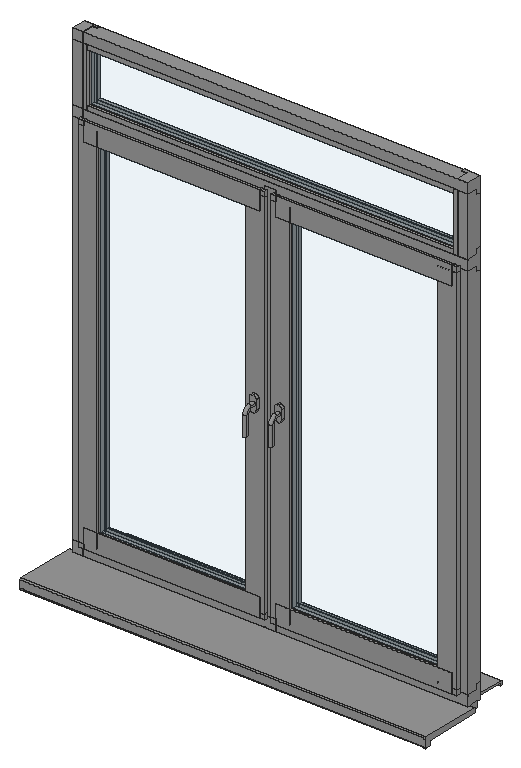
Revit family "deceuninck_okonniy_blok_dvustvorchatiy_s_framugoi_sverhu", category Окна, Revit 2016
Family settings
  Основа = Стена
  Номер OmniClass = 23.30.20.00
  Заголовок OmniClass = Windows
  Всегда вертикально = Да
  При загрузке вырезать с полостями = Нет
  Общий = Нет
  Точка расчета площади = Нет
Parameters (values of type "Энвин ЭКО-60")
  Ширина профиля = 60 mm
  Ширина проема [instance] = ADSK_Ширина рамы + Монтажный зазор.Левый + Монтажный зазор.Правый  # 1640 mm
  Шир прав створка [instance] = if(Одинаковые створки, ADSK_Ширина рамы / 2, Створка правая.Ширина)  # 800 mm
  Четверть.Ширина [instance] = 65 mm
  Четверть.Правая [instance] = if(and(Четверть правая.Видимость, Четверть), Четверть.Ширина, 0 mm)  # 65 mm
  Четверть.Левая [instance] = if(and(Четверть левая.Видимость, Четверть), Четверть.Ширина, 0 mm)  # 65 mm
  Четверть.Глубина [instance] = 120 mm
  Четверть.Высота [instance] = 65 mm
  Четверть правая.Видимость [instance] = yes
  Четверть левая.Видимость [instance] = yes
  Четверть.Врхняя [instance] = if(Четверть, Четверть.Высота, 0 mm)  # 65 mm
  Четверть [instance] = yes
  Цвет профиля = ""
  Фрамуга верхняя.Высота [instance] = ADSK_Высота рамы - Высота створки  # 300 mm
  Формула стеклопакета = ""
  Толщина стеклопакета = "32"
  Стеклопакет.Толщина = 32 mm
  Створка правая.Ширина [instance] = 800 mm
  Створка правая [instance] = stvorka : Поворотная право
  Створка левая.Ширина [instance] = ADSK_Ширина рамы - Шир прав створка  # 800 mm
  Створка левая [instance] = stvorka : Поворотная лево
  Система фурнитуры [instance] = ""
  Расчетное значение ветровой нагрузки [instance] = 400
  Рама.Окно.Ширина [instance] = 1600 mm
  Рама.Окно.Высота [instance] = 1900 mm
  Профильная система = "Энвин ЭКО 60"
  Проем.Окно.Ширина [instance] = 1640 mm
  Проем.Окно.Высота [instance] = 1955 mm
  Приточный клапан [instance] = no
  Watermarked By = ""
  Rough Width = 0 mm  # constant formula
  Rough Height = 0 mm  # constant formula
  Подоконник.Глубина [instance] = 0 mm
  Подоконник. Видимость [instance] = yes
  Подоконник [instance] = podokonnik : ПВХ 250
  Площаль элемента [instance] = ADSK_Ширина рамы * ADSK_Высота рамы / 1000000 mm  # 3.04 mm
  Отлив.Свес [instance] = 35 mm
  Отлив.Видимость [instance] = yes
  Откосы.Глубина [instance] = 310 mm
  Одинаковые створки [instance] = no
  Огнестойкость = "E-15"
  Наименование = "Окно 2-створчатое с фрамугой сверху Энвин ЭКО-60"
  Монтажный зазор.Спереди [instance] = 10 mm
  Монтажный зазор.Правый [instance] = if(Четверть правая.Видимость, Монтажный зазор.Боковой, 0 mm)  # 20 mm
  Монтажный зазор.Низ [instance] = 10 mm
  Монтажный зазор.Левый [instance] = if(Четверть левая.Видимость, Монтажный зазор.Боковой, 0 mm)  # 20 mm
  Монтажный зазор.Верх [instance] = 20 mm
  Монтажный зазор.Боковой = 20 mm
  Материал-Стеклопакет = none
  Материал-Рама = none
  Материал-Подоконник = ПВХ, белый
  Материал-Отлив = Лист оцинкованый, белый
  Класс профиля = "Тип В"
  Завод-изготовитель [instance] = "ООО Декёнинк Рус, Россия"  # constant formula
  ГОСТ = "ГОСТ 30673-2013"
  Высота створки [instance] = 1600 mm
  Высота профиля створки = 76 mm
  Высота профиля рамы = 62 mm
  Высота профиля имоста = 82 mm
  Высота проема [instance] = ADSK_Высота рамы + 25 mm + Монтажный зазор.Верх + Монтажный зазор.Низ  # 1955 mm
  Height = 1000 mm
  Высота подоконника по умолчанию = 800 mm
  Замыкание стены = По основе
  Width = 0 mm  # constant formula
  Артикул створки/армирование рстворки = "ZE 60D  /  AR1"
  Артикул рамы/армирование рамы = "LE 60D  /  AR1"
  Артикул импоста/армирование импоста = "TE 60D  /  20 x 35"
  Аналитическая конструкция = "<Нет>"
  λ краевой зоны стеклопакета = 0.0600 (m²·K)/W
  Rстеклопакета = 0.7600 (m²·K)/W
  Rпрофиля = 0.6800 (m²·K)/W
  Rпривед [instance] = 1 / (((Ширина профиля / 1000 mm) * (5.4 - 4 * (Ширина профиля / 1000 mm)) / (1.8 * Rпрофиля / Rед)) + ((1.2 - 2 * (Ширина профиля / 1000 mm)) * (1.5 - 2 * (Ширина профиля / 1000 mm)) / (1.8 * Rстеклопакета / Rед)) + (5.4 - 8 * (Ширина профиля / 1000 mm)) * (λ краевой зоны стеклопакета / Rед))  # 0.61064
  Rед = 1.0000 (m²·K)/W
  Iфактич [instance] = ""
  Iтреб [instance] = (((Расчетное значение ветровой нагрузки / 1000000) * ((ADSK_Высота рамы / 10) ^ 4) * (Шир прав створка / 20)) / (1 mm * 1920 mm * 210000 mm * (ADSK_Высота рамы / 3000)) * (25 - (40 * ((Шир прав створка / 20) / ADSK_Высота рамы) ^ 2) + (16 * ((Шир прав створка / 20) / ADSK_Высота рамы) ^ 4))) + (((Расчетное значение ветровой нагрузки / 1000000) * ((ADSK_Высота рамы / 10) ^ 4) * (Створка левая.Ширина / 20)) / (1 mm * 1920 mm * 210000 mm * (ADSK_Высота рамы / 3000)) * (25 - (40 * ((Створка левая.Ширина / 20) / ADSK_Высота рамы) ^ 2) + (16 * ((Створка левая.Ширина / 20) / ADSK_Высота рамы) ^ 4)))  # 4.08 mm
  ADSK_Ширина рамы [instance] = 1600 mm
  ADSK_Позиция [instance] = ""
  ADSK_Высота рамы [instance] = 1900 mm
Reference planes
  plane 1 "По центру (Вперед/Назад)": y = 0
  plane 2 "По центру (Влево/Вправо)": x = 0
  plane 3 "Подоконник": z = 800
  plane 4 "Наружный": y = 250
  plane 5 "Внутренние": y = -250
  plane 6: x = -820
  plane 7: x = 820
  plane 8: x = -755
  plane 9: x = 755
  plane 10: y = 130
  plane 11: z = 2700
  plane 12: x = -800
  plane 13: x = 800
  plane 14: z = 775
  plane 15: z = 2720
  plane 16: z = 765
  plane 17: z = 2655
  plane 18: y = 120
  plane 19: y = 60
  plane 20: x = -738
  plane 21: x = 738
  plane 22: z = 2638
  plane 23: z = 862
  plane 24: x = 0
  plane 25: x = -41
  plane 26: x = 41
  plane 27: y = 107
  plane 28: y = 70
  plane 29: y = 450
  plane 30: z = 2400
Forms (mm)
  Extrusion 1, void
    sketch origin (0, -250, 0) x (1, 0, 0) y (0, 0, 1)
      loop
        line (-820, 2720) -> (-820, 765) -> (820, 765) -> (820, 2720) -> (-820, 2720)
    from 0 to -380
  Extrusion 2, void
    sketch origin (-2200.521, 130, 1000) x (1, 0, 0) y (0, 0, 1)
      loop
        line (1445.521, 1655) -> (1445.521, -235) -> (2955.521, -235) -> (2955.521, 1655) -> (1445.521, 1655)
    from 0 to -320
  Extrusion 3, solid, material <- "Материал-Рама", detail levels fine
    sketch origin (0, 0, 800) x (0, -1, 0) y (-1, 0, 0)
      loop
        line (-120, 800) -> (-120, 738) -> (-107, 738) -> (-107, 758) -> (-60, 758) -> (-60, 800) -> (-120, 800)
      loop
        line (-120, -738) -> (-120, -800) -> (-60, -800) -> (-60, -758) -> (-107, -758) -> (-107, -738) -> (-120, -738)
    from 0 to -1900
  Extrusion 4, solid, material <- "Материал-Рама", detail levels fine
    sketch origin (-750, 0, 0) x (0, -1, 0) y (0, 0, 1)
      loop
        line (-60, 800) -> (-60, 842) -> (-107, 842) -> (-107, 862) -> (-120, 862) -> (-120, 800) -> (-60, 800)
      loop
        line (-60, 2658) -> (-60, 2700) -> (-120, 2700) -> (-120, 2638) -> (-107, 2638) -> (-107, 2658) -> (-60, 2658)
    from 50 to -1550
  Extrusion 5, solid, material <- "Материал-Рама", detail levels fine
    sketch origin (0, 0, 800) x (0, -1, 0) y (-1, 0, 0)
      loop
        line (-120, 41) -> (-120, -41) -> (-107, -41) -> (-107, -21) -> (-60, -21) -> (-60, 21) -> (-107, 21) -> (-107, 41) -> (-120, 41)
    from 0 to -1600
  Extrusion 6, solid, material <- "Материал-Рама"
    sketch origin (-233.865, 107, 2257) x (0, 0, 1) y (-1, 0, 0)
      loop
        line (-1457, 566.135) -> (-1482, 566.135) -> (-1482, -1033.865) -> (-1457, -1033.865) -> (-1457, 566.135)
    from 0 to 37
  Extrusion 7, solid, material "Лист оцинкованый, белый" <- "Материал-Отлив", visible <- "Отлив.Видимость", detail levels fine
    sketch origin (755, 531.754, 1000) x (0, 1, 0) y (0, 0, 1)
      loop
        line (-424.754, -225) -> (-251.754, -225) -> (-251.754, -235) -> (-246.754, -235) -> (-246.754, -220) -> (-424.754, -215) -> (-424.754, -225)
    from 0 to -1510
  Extrusion 8, solid, detail levels medium
    sketch origin (0, 0, 800) x (0, -1, 0) y (-1, 0, 0)
      loop
        line (-120, 800) -> (-120, 738) -> (-60, 738) -> (-60, 800) -> (-120, 800)
      loop
        line (-120, -800) -> (-60, -800) -> (-60, -738) -> (-120, -738) -> (-120, -800)
    from 0 to -1900
  Extrusion 9, solid, detail levels medium
    sketch origin (-750, 0, 0) x (0, -1, 0) y (0, 0, 1)
      loop
        line (-120, 2700) -> (-120, 2638) -> (-60, 2638) -> (-60, 2700) -> (-120, 2700)
      loop
        line (-60, 800) -> (-60, 862) -> (-120, 862) -> (-120, 800) -> (-60, 800)
    from -1550 to 50
  Extrusion 10, solid, detail levels coarse
    sketch origin (0, 0, 800) x (0, -1, 0) y (-1, 0, 0)
      loop
        line (-120, 800) -> (-120, 689) -> (-47, 689) -> (-47, 800) -> (-120, 800)
      loop
        line (-120, -800) -> (-47, -800) -> (-47, -689) -> (-120, -689) -> (-120, -800)
    from 0 to -1900
  Extrusion 11, solid, detail levels coarse
    sketch origin (-750, 0, 0) x (0, -1, 0) y (0, 0, 1)
      loop
        line (-120, 2590) -> (-47, 2590) -> (-47, 2700) -> (-120, 2700) -> (-120, 2590)
      loop
        line (-47, 800) -> (-47, 911) -> (-120, 911) -> (-120, 800) -> (-47, 800)
      loop
        line (-47, 2489) -> (-120, 2489) -> (-120, 2311) -> (-47, 2311) -> (-47, 2489)
    from -1550 to 50
  Extrusion 12, solid, detail levels medium
    sketch origin (0, 0, 800) x (0, -1, 0) y (-1, 0, 0)
      loop
        line (-120, 21) -> (-120, -21) -> (-60, -21) -> (-60, 21) -> (-120, 21)
    from 0 to -1600
  Extrusion 13, solid, detail levels fine
    sketch origin (-750, 0, 0) x (0, -1, 0) y (0, 0, 1)
      loop
        line (-60, 2379) -> (-60, 2421) -> (-107, 2421) -> (-107, 2441) -> (-120, 2441) -> (-120, 2359) -> (-107, 2359) -> (-107, 2379) -> (-60, 2379)
    from -1550 to 50
  Extrusion 14, solid, detail levels medium
    sketch origin (-750, 0, 0) x (0, -1, 0) y (0, 0, 1)
      loop
        line (-60, 2421) -> (-120, 2421) -> (-120, 2379) -> (-60, 2379) -> (-60, 2421)
    from -1550 to 50
  Extrusion 15, solid, material <- "Материал-Рама", detail levels coarse
    sketch origin (0, 0, 0) x (1, 0, 0) y (0, 1, 0)
      loop
        line (-89, 120) -> (-89, 47) -> (89, 47) -> (89, 120) -> (-89, 120)
    from 800 to 2400
Lines and regions (mm)
  symbolic lines, style "Windows"
    curve 1: line (-800, 130, 0) -> (800, 130, 0)
Text (mm)
  text "Наружный" at (0, 923.751, 2943.296), in view "Справа"
  text "Наружный" at (0, 1040.484, 2685.409), in view "Слева"
Dimensions and locks
  "Высота подоконника по умолчанию": plane 3 "Подоконник" to level
  locked: plane 4 "Наружный" to host wall at 0
  locked: plane 5 "Внутренние" to host wall
  "Четверть.Глубина": plane 10 to plane 4 "Наружный"
  "ADSK_Высота рамы": plane 11 to plane 3 "Подоконник"
  "Монтажный зазор.Верх": plane 15 to plane 11
  locked: plane 3 "Подоконник" to plane 14 at 25
  "Монтажный зазор.Низ": plane 14 to plane 16
  "Четверть.Врхняя": plane 15 to plane 17
  equal spacing: plane 13, plane 2 "По центру (Влево/Вправо)", plane 12
  "ADSK_Ширина рамы": plane 13 to plane 12
  "Четверть.Левая": plane 8 to plane 6
  "Четверть.Правая": plane 7 to plane 9
  "Монтажный зазор.Левый": plane 12 to plane 6
  "Монтажный зазор.Правый": plane 13 to plane 7
  "Монтажный зазор.Спереди": plane 10 to plane 18
  "Ширина профиля": plane 18 to plane 19
  "Высота профиля рамы": plane 12 to plane 20
  locked: Extrusion 3 sketch curve to Extrusion 3 sketch curve at 13  (x2)
  locked: Extrusion 3 sketch curve to Extrusion 3 sketch curve at 20  (x2)
  "Высота профиля рамы": plane 21 to plane 13
  "Высота профиля рамы": plane 11 to plane 22
  "Высота профиля рамы": plane 3 "Подоконник" to plane 23
  locked: Extrusion 4 sketch curve to Extrusion 4 sketch curve at 13  (x2)
  locked: Extrusion 4 sketch curve to Extrusion 4 sketch curve at 20  (x2)
  "Шир прав створка": plane 13 to plane 24
  equal spacing: plane 25, plane 24, plane 26
  "Высота профиля имоста": plane 25 to plane 26
  locked: Extrusion 5 sketch curve to plane 26 at 20
  locked: plane 25 to Extrusion 5 sketch curve at 20
  locked: plane 18 to plane 27 at 13
  locked: plane 28 to plane 19 at 10
  locked: Extrusion 7 sketch curve to Extrusion 7 sketch curve at 5  (x2)
  locked: Extrusion 7 sketch curve to Extrusion 7 sketch curve at 10
  "Отлив.Свес": Extrusion 7 to plane 4 "Наружный"
  locked: plane 4 "Наружный" to plane 29 at 200
  "Откосы.Глубина": plane 19 to plane 5 "Внутренние"
  "Высота створки": plane 30 to plane 3 "Подоконник"
  locked: Extrusion 13 sketch curve to Extrusion 13 sketch curve at 20  (x2)
  "Высота профиля имоста": Extrusion 13 sketch curve to Extrusion 13 sketch curve
  equal spacing: Extrusion 13 sketch curve, plane 30, Extrusion 13 sketch curve
  "Проем.Окно.Высота": plane 15 to plane 16
  "Рама.Окно.Высота": plane 11 to plane 3 "Подоконник"
  "Проем.Окно.Ширина": plane 7 to plane 6
  "Рама.Окно.Ширина": plane 12 to plane 13
  aligned and locked: Extrusion 1 sketch curve to plane 15
  aligned and locked: Extrusion 1 sketch curve to plane 6
  aligned and locked: Extrusion 1 sketch curve to plane 7
  aligned and locked: Extrusion 1 sketch curve to plane 16
  aligned and locked: plane 10 to Extrusion 1
  aligned and locked: Extrusion 2 sketch curve to plane 17
  aligned and locked: Extrusion 2 sketch curve to plane 8
  aligned and locked: Extrusion 2 sketch curve to plane 9
  aligned and locked: Extrusion 2 sketch curve to plane 16
  aligned and locked: Extrusion 3 sketch curve to plane 18
  aligned and locked: Extrusion 3 sketch curve to plane 19
  aligned and locked: Extrusion 3 sketch curve to plane 20
  aligned and locked: Extrusion 3 sketch curve to plane 12
  aligned and locked: plane 18 to Extrusion 3 sketch curve
  aligned and locked: plane 19 to Extrusion 3 sketch curve
  aligned and locked: Extrusion 3 sketch curve to plane 13
  aligned and locked: Extrusion 3 sketch curve to plane 21
  aligned and locked: plane 11 to Extrusion 3
  aligned and locked: Extrusion 4 sketch curve to plane 19  (x2)
  aligned and locked: Extrusion 4 sketch curve to plane 18  (x2)
  aligned and locked: Extrusion 4 sketch curve to plane 23
  aligned and locked: Extrusion 4 sketch curve to plane 3 "Подоконник"
  aligned and locked: Extrusion 4 sketch curve to plane 22
  aligned and locked: Extrusion 4 sketch curve to plane 11
  aligned and locked: Extrusion 4 to plane 13
  aligned and locked: Extrusion 4 to plane 12
  aligned and locked: Extrusion 5 sketch curve to plane 18
  aligned and locked: Extrusion 5 sketch curve to plane 19
  aligned and locked: Extrusion 6 sketch curve to plane 12
  aligned and locked: Extrusion 6 sketch curve to plane 3 "Подоконник"
  aligned and locked: Extrusion 6 sketch curve to plane 14
  aligned and locked: plane 13 to Extrusion 6 sketch curve
  aligned and locked: plane 28 to Extrusion 6
  aligned and locked: nested 1 to plane 3 "Подоконник"
  aligned and locked: plane 28 to nested 1
  aligned and locked: nested 1 to plane 2 "По центру (Влево/Вправо)"
  aligned and locked: plane 14 to Extrusion 7 sketch curve
  aligned and locked: Extrusion 7 to plane 8
  aligned and locked: plane 27 to Extrusion 7 sketch curve
  aligned and locked: plane 29 to Extrusion 2
  aligned and locked: curve 1 to plane 10
  aligned and locked: plane 11 to Extrusion 8
  aligned and locked: Extrusion 9 sketch curve to plane 11
  aligned and locked: Extrusion 9 sketch curve to plane 22
  aligned and locked: Extrusion 9 sketch curve to plane 19  (x2)
  aligned and locked: Extrusion 9 sketch curve to plane 18  (x2)
  aligned and locked: Extrusion 9 sketch curve to plane 3 "Подоконник"
  aligned and locked: Extrusion 9 sketch curve to plane 23
  aligned and locked: Extrusion 9 to plane 13
  aligned and locked: Extrusion 8 sketch curve to plane 20
  aligned and locked: Extrusion 8 sketch curve to plane 19  (x2)
  aligned and locked: Extrusion 8 sketch curve to plane 12
  aligned and locked: plane 13 to Extrusion 8 sketch curve
  aligned and locked: plane 21 to Extrusion 8 sketch curve
  aligned and locked: Extrusion 10 sketch curve to plane 12
  aligned and locked: Extrusion 10 sketch curve to plane 18  (x2)
  aligned and locked: plane 13 to Extrusion 10 sketch curve
  aligned and locked: plane 11 to Extrusion 10
  aligned and locked: Extrusion 11 sketch curve to plane 18
  aligned and locked: Extrusion 10 to Extrusion 11 sketch curve  (x4)
  aligned and locked: Extrusion 11 sketch curve to plane 11
  aligned and locked: Extrusion 11 sketch curve to plane 3 "Подоконник"
  aligned and locked: Extrusion 11 to plane 13
  aligned and locked: Extrusion 8 sketch curve to plane 18  (x2)
  aligned and locked: Extrusion 12 sketch curve to Extrusion 5  (x3)
  aligned and locked: Extrusion 11 to plane 12
  aligned and locked: Extrusion 9 to plane 12
  aligned and locked: Extrusion 8 to Extrusion 13 sketch curve
  aligned and locked: Extrusion 10 to Extrusion 13 sketch curve
  aligned and locked: Extrusion 13 sketch curve to plane 27  (x2)
  aligned and locked: Extrusion 13 to plane 13
  aligned and locked: Extrusion 13 to plane 12
  aligned and locked: Extrusion 14 sketch curve to Extrusion 13  (x3)
  aligned and locked: Extrusion 13 to Extrusion 14 sketch curve
  aligned and locked: Extrusion 14 to plane 12
  aligned and locked: Extrusion 14 to plane 13
  aligned and locked: nested 2 to Extrusion 4
  aligned and locked: nested 2 to Extrusion 13
  aligned and locked: plane 27 to nested 2
  aligned and locked: Extrusion 3 to nested 2
  aligned and locked: Extrusion 11 sketch curve to nested 2
  aligned and locked: nested 2 to Extrusion 11 sketch curve
  aligned and locked: nested 3 to Extrusion 13
  aligned and locked: nested 3 to Extrusion 4
  aligned and locked: plane 27 to nested 3
  aligned and locked: Extrusion 12 to nested 3
  aligned and locked: nested 3 to Extrusion 3
  aligned and locked: nested 4 to Extrusion 13
  aligned and locked: nested 4 to Extrusion 4
  aligned and locked: plane 27 to nested 4
  aligned and locked: Extrusion 3 to nested 4
  aligned and locked: nested 4 to Extrusion 12
  aligned and locked: Extrusion 11 sketch curve to nested 4
  aligned and locked: plane 30 to Extrusion 12
  aligned and locked: Extrusion 5 to Extrusion 12
  aligned and locked: nested 2 to Extrusion 3
  aligned and locked: Extrusion 15 sketch curve to plane 18
  aligned and locked: Extrusion 15 sketch curve to nested 4  (x2)
  aligned and locked: plane 3 "Подоконник" to Extrusion 15
  aligned and locked: Extrusion 15 to Extrusion 5
  aligned and locked: Extrusion 15 to nested 4
  aligned and locked: nested 3 to Extrusion 15 sketch curve
Automatic sketch dimensions
  Extrusion 5 sketch curve to plane 26 = 0 mm
  Extrusion 5 sketch curve to plane 25 = 0 mm
  Extrusion 5 sketch curve to plane 18 = 13 mm  (x2)
  host wall to Extrusion 7 sketch curve = 30 mm
  Extrusion 7 sketch curve to Extrusion 7 sketch curve = 10 mm
  curve 1 to plane 12 = 0 mm
  curve 1 to plane 13 = 0 mm
  Extrusion 11 sketch curve to plane 19 = 13 mm
  Extrusion 10 sketch curve to plane 19 = 13 mm  (x2)
  plane 21 to Extrusion 10 sketch curve = 49 mm
  plane 20 to Extrusion 10 sketch curve = 49 mm
  plane 23 to Extrusion 11 sketch curve = 49 mm
  Extrusion 12 sketch curve to plane 18 = 0 mm
  Extrusion 15 sketch curve to plane 18 = 0 mm
Nested families
  nested 1: "podokonnik" at (0, 70, 800), Материал-Подоконник <- "Материал-Подоконник", Длина подоконника <- "Ширина проема", type <- "Подоконник", visible <- "Подоконник. Видимость", type "ПВХ 250", detail levels fine
    with Материал-Подоконник ПВХ, белый, Длина подоконника 1640 mm
  nested 2: "stvorka" at (0, 107, 2421), Профиль.Ширина <- "Ширина профиля", Стеклопакет.Толщина <- "Стеклопакет.Толщина", Профиль.Высота <- "Высота профиля створки", type "Глухая"
    with Стеклопакет.Толщина 32 mm, Створка.Ширина 1516 mm, Створка.Высота 237 mm, Ручка.Расстояние от низа створки 118.5 mm, Профиль.Ширина 60 mm, Профиль.Высота 76 mm, Материал.Профиль none
  nested 3: "stvorka" at (389.5, 107, 842), Профиль.Ширина <- "Ширина профиля", Стеклопакет.Толщина <- "Стеклопакет.Толщина", type <- "Створка правая", Профиль.Высота <- "Высота профиля створки", type "Поворотная право"
    with Стеклопакет.Толщина 32 mm, Створка.Ширина 737 mm, Створка.Высота 1537 mm, Ручка.Расстояние от низа створки 768.5 mm, Профиль.Ширина 60 mm, Профиль.Высота 76 mm, Материал.Профиль none
  nested 4: "stvorka" at (-389.5, 107, 842), Профиль.Ширина <- "Ширина профиля", Стеклопакет.Толщина <- "Стеклопакет.Толщина", type <- "Створка левая", Профиль.Высота <- "Высота профиля створки", type "Поворотная лево"
    with Стеклопакет.Толщина 32 mm, Створка.Ширина 737 mm, Створка.Высота 1537 mm, Ручка.Расстояние от низа створки 768.5 mm, Профиль.Ширина 60 mm, Профиль.Высота 76 mm, Материал.Профиль none
Definition of nested family "podokonnik"
  Parameters (values of type "ПВХ 150")
    Материал-Подоконник [instance] = none
    Длина подоконника [instance] = 1500 mm
    Глубина подоконника = 150 mm
    Watermarked By = ""
    Type Comments = "﻿﻿             ﻿     ﻿                                                          ﻿   ​ ﻿             ​ ﻿   ﻿ ﻿                    ​ ​     ​ ​​  ​ ​     ​   ​ ​ ​​         ﻿ ﻿﻿"
    Keynote = "﻿﻿             ﻿     ﻿                                                          ﻿   ​ ﻿             ​ ﻿   ﻿ ﻿                    ​ ​     ​ ​​  ​ ​     ​   ​ ​ ​​         ﻿ ﻿﻿"
    Description = "﻿﻿             ﻿     ﻿                                                          ﻿   ​ ﻿             ​ ﻿   ﻿ ﻿                    ​ ​     ​ ​​  ​ ​     ​   ​ ​ ​​         ﻿ ﻿﻿"
    Assembly Code = "﻿﻿             ﻿     ﻿                                                          ﻿   ​ ﻿             ​ ﻿   ﻿ ﻿                    ​ ​     ​ ​​  ​ ​     ​   ​ ​ ​​         ﻿ ﻿﻿"
  Types (13, lengths in mm): name | Глубина подоконника
    ПВХ 100 | 100
    ПВХ 150 | 150
    ПВХ 200 | 200
    ПВХ 250 | 250
    ПВХ 300 | 300
    ПВХ 350 | 350
    ПВХ 400 | 400
    ПВХ 450 | 450
    ПВХ 500 | 500
    ПВХ 550 | 550
    ПВХ 600 | 600
    ПВХ 650 | 650
    ПВХ 700 | 700
  Reference planes
    plane 1 "По центру (Вперед/Назад)": y = 0
    plane 2: z = 0
    plane 3 "По центру (Влево/Вправо)": x = 0
    plane 4: y = -150
    plane 5: x = 750
    plane 6: x = -750
  Forms (mm)
    Extrusion 1, solid, material <- "Материал-Подоконник"
      sketch origin (0, 0, 0) x (0, 1, 0) y (0, 0, 1)
        loop
          line (0, 0) -> (-146, 0)
          arc (-146, 0) -> (-148.828, -1.172) -> (-150, -4) r 4
          line (-150, -4) -> (-150, -36)
          arc (-150, -36) -> (-148.828, -38.828) -> (-146, -40) r 4
          line (-146, -40) -> (-130, -40) -> (-130, -20) -> (0, -20) -> (0, 0)
      from -750 to 750
  Dimensions and locks
    "Глубина подоконника": plane 1 "По центру (Вперед/Назад)" to plane 4
    equal spacing: plane 6, plane 3 "По центру (Влево/Вправо)", plane 5
    "Длина подоконника": plane 6 to plane 5
    aligned and locked: level to plane 2
    aligned and locked: plane 2 to Extrusion 1 sketch curve
    aligned and locked: plane 4 to Extrusion 1 sketch curve  (x2)
    aligned and locked: plane 5 to Extrusion 1
    aligned and locked: Extrusion 1 to plane 6
  Automatic sketch dimensions
    Extrusion 1 sketch curve to plane 1 "По центру (Вперед/Назад)" = 0 mm
    Extrusion 1 sketch curve to level = 20 mm
    Extrusion 1 sketch curve to level = 4 mm
    Extrusion 1 sketch curve to Extrusion 1 sketch curve = 16 mm  (x2)
    Extrusion 1 sketch curve to Extrusion 1 sketch curve = 4 mm
Definition of nested family "stvorka"
  Parameters (values of type "Поворотно-откидная лево")
    Стеклопакет.Толщина [instance] = 32 mm
    Створка.Ширина [instance] = 700 mm
    Створка.Открытие = not(Створка.Глухая)  # yes
    Створка.Высота [instance] = 1400 mm
    Ручка.Расстояние от низа створки [instance] = Створка.Высота / 2  # 700 mm
    Ручка справа = yes
    Ручка снизу = no
    Ручка слева = no
    Ручка сверху. = no
    Профиль.Ширина [instance] = 58 mm
    Профиль.Высота [instance] = 77 mm
    Открывание правое = no
    Открывание низ = no
    Открывание левое = yes
    Открывание верх = yes
    Створка.Глухая = no
    Материал.Стеклопакет = none
    Материал.Профиль [instance] = none
    Watermarked By = ""
    Type Comments = "﻿﻿             ﻿     ﻿                                                          ﻿   ​ ﻿             ​ ﻿   ﻿ ﻿                    ​ ​     ​ ​​  ​ ​     ​   ​ ​ ​​         ﻿ ﻿﻿"
    Keynote = "﻿﻿             ﻿     ﻿                                                          ﻿   ​ ﻿             ​ ﻿   ﻿ ﻿                    ​ ​     ​ ​​  ​ ​     ​   ​ ​ ​​         ﻿ ﻿﻿"
    Description = "﻿﻿             ﻿     ﻿                                                          ﻿   ​ ﻿             ​ ﻿   ﻿ ﻿                    ​ ​     ​ ​​  ​ ​     ​   ​ ​ ​​         ﻿ ﻿﻿"
    Assembly Code = "﻿﻿             ﻿     ﻿                                                          ﻿   ​ ﻿             ​ ﻿   ﻿ ﻿                    ​ ​     ​ ​​  ​ ​     ​   ​ ​ ​​         ﻿ ﻿﻿"
    Analytic Construction = "<Нет>"
  Types (5, lengths in mm): name | Створка.Ширина | Створка.Открытие | Створка.Высота | Ручка.Расстояние от низа створки | Ручка справа | Ручка слева | Открывание правое | Открывание левое | Открывание верх | Створка.Глухая
    Глухая | 600 | no | 1500 | 750 | no | no | no | no | no | yes
    Поворотная право | 600 | yes | 1500 | 750 | no | yes | yes | no | no | no
    Поворотная лево | 600 | yes | 1500 | 750 | yes | no | no | yes | no | no
    Поворотно-откидная право | 600 | yes | 1500 | 750 | no | yes | yes | no | yes | no
    Поворотно-откидная лево | 700 | yes | 1400 | 700 | yes | no | no | yes | yes | no
  Reference planes
    plane 1 "По центру (Вперед/Назад)": y = 0
    plane 2: z = 0
    plane 3 "По центру (Влево/Вправо)": x = 0
    plane 4: x = -338
    plane 5: x = 338
    plane 6: y = -58
    plane 7: z = 1400
    plane 8: y = -16
    plane 9: y = -48
    plane 10: y = -51
    plane 11: x = -350
    plane 12: x = 350
    plane 13: z = 12
    plane 14: z = -8
    plane 15: z = 1408
    plane 16: z = 1388
    plane 17: z = 700
    plane 18: x = -358
    plane 19: x = -281
    plane 20: x = 358
    plane 21: x = 281
    plane 22: z = 1331
    plane 23: z = 69
    plane 24: z = 700
  Forms (mm)
    Extrusion 1, solid, material <- "Материал.Профиль", visible <- "Створка.Открытие", detail levels fine
      sketch origin (0, 0, 0) x (1, 0, 0) y (0, 1, 0)
        loop
          line (-338, 0) -> (-338, -45) -> (-358, -45) -> (-358, -58) -> (-281, -58) -> (-281, -51) -> (-301, -51) -> (-301, -13) -> (-281, -13) -> (-284, 0) -> (-338, 0)
        loop
          line (338, 0) -> (284, 0) -> (281, -13) -> (301, -13) -> (301, -51) -> (281, -51) -> (281, -58) -> (358, -58) -> (358, -45) -> (338, -45) -> (338, 0)
      from 12 to 1388
    Extrusion 2, solid, visible <- "Створка.Открытие", detail levels fine
      sketch origin (0, 0, 0) x (1, 0, 0) y (0, 1, 0)
        loop
          line (-301, -13) -> (-301, -51) -> (-281, -51) -> (-281, -48) -> (-291, -48) -> (-291, -16) -> (-281, -16) -> (-281, -13) -> (-301, -13)
        loop
          line (301, -13) -> (281, -13) -> (281, -16) -> (291, -16) -> (291, -48) -> (281, -48) -> (281, -51) -> (301, -51) -> (301, -13)
      from 49 to 1351
    Extrusion 3, solid, material <- "Материал.Профиль", visible <- "Створка.Открытие", detail levels fine
      sketch origin (0, 0, 12) x (0, 1, 0) y (0, 0, 1)
        loop
          line (-58, 57) -> (-58, -20) -> (-45, -20) -> (-45, 0) -> (0, 0) -> (0, 54) -> (-13, 57) -> (-13, 37) -> (-51, 37) -> (-51, 57) -> (-58, 57)
        loop
          line (-58, 1319) -> (-51, 1319) -> (-51, 1339) -> (-13, 1339) -> (-13, 1319) -> (0, 1322) -> (0, 1376) -> (-45, 1376) -> (-45, 1396) -> (-58, 1396) -> (-58, 1319)
      from -338 to 338
    Extrusion 4, solid, visible <- "Створка.Открытие", detail levels fine
      sketch origin (0, 0, 0) x (0, 1, 0) y (0, 0, 1)
        loop
          line (-16, 69) -> (-16, 59) -> (-48, 59) -> (-48, 69) -> (-51, 69) -> (-51, 49) -> (-13, 49) -> (-13, 69) -> (-16, 69)
        loop
          line (-51, 1351) -> (-51, 1331) -> (-48, 1331) -> (-48, 1341) -> (-16, 1341) -> (-16, 1331) -> (-13, 1331) -> (-13, 1351) -> (-51, 1351)
      from -301 to 301
    Extrusion 5, solid, material <- "Материал.Профиль", visible <- "Створка.Открытие", detail levels fine
      sketch origin (-963, -48, 1200) x (-1, 0, 0) y (0, 0, 1)
        loop
          line (-605, 208) -> (-625, 208) -> (-625, 188) -> (-605, 188) -> (-605, 208)
        loop
          line (-1301, 208) -> (-1321, 208) -> (-1321, 188) -> (-1301, 188) -> (-1301, 208)
        loop
          line (-625, -1188) -> (-625, -1208) -> (-605, -1208) -> (-605, -1188) -> (-625, -1188)
        loop
          line (-1321, -1188) -> (-1321, -1208) -> (-1301, -1208) -> (-1301, -1188) -> (-1321, -1188)
      from 3 to -10
    Extrusion 6, solid, material <- "Материал.Стеклопакет", visible <- "Створка.Открытие"
      sketch origin (0, -16, 59) x (0, -1, 0) y (1, 0, 0)
        loop
          line (0, 291) -> (0, -291) -> (32, -291) -> (32, 291) -> (0, 291)
      from 0 to 1282
    Extrusion 7, solid, material <- "Материал.Профиль", visible <- "Створка.Открытие", detail levels medium
      sketch origin (0, 0, 0) x (1, 0, 0) y (0, 1, 0)
        loop
          line (-281, 0) -> (-358, 0) -> (-358, -58) -> (-281, -58) -> (-281, 0)
        loop
          line (358, 0) -> (281, 0) -> (281, -58) -> (358, -58) -> (358, 0)
      from 12 to 1388
    Extrusion 8, solid, material <- "Материал.Профиль", visible <- "Створка.Открытие", detail levels medium
      sketch origin (0, 0, 0) x (0, 1, 0) y (0, 0, 1)
        loop
          line (0, 1408) -> (-58, 1408) -> (-58, 1331) -> (0, 1331) -> (0, 1408)
        loop
          line (0, 69) -> (-58, 69) -> (-58, -8) -> (0, -8) -> (0, 69)
      from -358 to 358
    Extrusion 9, solid, material <- "Материал.Профиль", visible <- "Створка.Глухая", detail levels fine
      sketch origin (0, 0, 0) x (0, 1, 0) y (0, 0, 1)
        loop
          line (-45, 1400) -> (-45, 1383) -> (-38, 1380) -> (-38, 1400) -> (-45, 1400)
        loop
          line (-45, 0) -> (-38, 0) -> (-38, 20) -> (-45, 17) -> (-45, 0)
      from -350 to 350
    Extrusion 10, solid, visible <- "Створка.Глухая", detail levels fine
      sketch origin (0, 0, 0) x (0, 1, 0) y (0, 0, 1)
        loop
          line (0, 1400) -> (-38, 1400) -> (-38, 1380) -> (-35, 1380) -> (-35, 1390) -> (-3, 1390) -> (-3, 1380) -> (0, 1380) -> (0, 1400)
        loop
          line (0, 0) -> (0, 20) -> (-3, 20) -> (-3, 10) -> (-35, 10) -> (-35, 20) -> (-38, 20) -> (-38, 0) -> (0, 0)
      from -350 to 350
    Extrusion 11, solid, visible <- "Створка.Глухая", detail levels fine
      sketch origin (0, 0, 0) x (1, 0, 0) y (0, 1, 0)
        loop
          line (-350, 0) -> (-350, -38) -> (-330, -38) -> (-330, -35) -> (-340, -35) -> (-340, -3) -> (-330, -3) -> (-330, 0) -> (-350, 0)
        loop
          line (350, 0) -> (330, 0) -> (330, -3) -> (340, -3) -> (340, -35) -> (330, -35) -> (330, -38) -> (350, -38) -> (350, 0)
      from 0 to 1400
    Extrusion 12, solid, material <- "Материал.Профиль", visible <- "Створка.Глухая", detail levels fine
      sketch origin (0, 0, 0) x (1, 0, 0) y (0, 1, 0)
        loop
          line (-350, -38) -> (-350, -45) -> (-333, -45) -> (-330, -38) -> (-350, -38)
        loop
          line (350, -38) -> (330, -38) -> (333, -45) -> (350, -45) -> (350, -38)
      from 0 to 1400
    Extrusion 13, solid, material <- "Материал.Стеклопакет", visible <- "Створка.Глухая"
      sketch origin (0, 0, 0) x (1, 0, 0) y (0, 1, 0)
        loop
          line (-340, -3) -> (-340, -35) -> (340, -35) -> (340, -3) -> (-340, -3)
      from 10 to 1390
    Extrusion 14, solid, material <- "Материал.Профиль", visible <- "Створка.Глухая", detail levels medium
      sketch origin (0, 0, 0) x (1, 0, 0) y (0, 1, 0)
        loop
          line (-330, 0) -> (-350, 0) -> (-350, -45) -> (-330, -45) -> (-330, 0)
        loop
          line (350, 0) -> (330, 0) -> (330, -45) -> (350, -45) -> (350, 0)
      from 0 to 1400
    Extrusion 15, solid, material <- "Материал.Профиль", visible <- "Створка.Глухая", detail levels medium
      sketch origin (-350, 682.027, 1200) x (0, 1, 0) y (0, 0, 1)
        loop
          line (-682.027, 180) -> (-682.027, 200) -> (-727.027, 200) -> (-727.027, 180) -> (-682.027, 180)
        loop
          line (-682.027, -1200) -> (-682.027, -1180) -> (-727.027, -1180) -> (-727.027, -1200) -> (-682.027, -1200)
      from 0 to 700
  Lines and regions (mm)
    symbolic lines, visible <- "Открывание правое"
      curve 1: line (281, 0, 1331) -> (-281, 0, 700)
      curve 2: line (-281, 0, 700) -> (281, 0, 69)
    symbolic lines, visible <- "Открывание левое"
      curve 3: line (-281, 0, 1331) -> (281, 0, 700)
      curve 4: line (281, 0, 700) -> (-281, 0, 69)
    symbolic lines, visible <- "Открывание верх"
      curve 5: line (-281, 0, 69) -> (0, 0, 1331)
      curve 6: line (0, 0, 1331) -> (281, 0, 69)
    symbolic lines, visible <- "Открывание низ"
      curve 7: line (-281, 0, 1331) -> (0, 0, 69)
      curve 8: line (0, 0, 69) -> (281, 0, 1331)
    symbolic lines, visible <- "Створка.Глухая"
      curve 9: line (0, 0, 650) -> (0, 0, 750)
      curve 10: line (-50, 0, 700) -> (50, 0, 700)
  Dimensions and locks
    locked: Extrusion 1 sketch curve to Extrusion 1 sketch curve at 13  (x2)
    "Профиль.Ширина": plane 1 "По центру (Вперед/Назад)" to plane 6
    "Стеклопакет.Толщина": plane 8 to plane 9
    locked: plane 8 to plane 1 "По центру (Вперед/Назад)" at 16
    locked: Extrusion 1 to Extrusion 2 sketch curve at 10
    locked: Extrusion 2 sketch curve to Extrusion 1 at 10
    locked: plane 9 to plane 10 at 3
    locked: Extrusion 3 sketch curve to Extrusion 3 sketch curve at 13  (x2)
    locked: Extrusion 4 sketch curve to Extrusion 3 at 10  (x2)
    "Створка.Высота": plane 7 to plane 2
    locked: plane 4 to plane 11 at 12
    locked: plane 12 to plane 5 at 12
    equal spacing: plane 12, plane 3 "По центру (Влево/Вправо)", plane 11
    "Створка.Ширина": plane 12 to plane 11
    locked: plane 15 to plane 7 at 8
    locked: plane 7 to plane 16 at 12
    locked: plane 2 to plane 14 at 8
    locked: plane 13 to plane 2 at 12
    "Профиль.Высота": plane 18 to plane 19
    "Профиль.Высота": plane 21 to plane 20
    locked: plane 21 to Extrusion 2 at 20
    "Профиль.Высота": plane 22 to plane 15
    locked: plane 11 to plane 18 at 8
    locked: plane 20 to plane 12 at 8
    locked: Extrusion 2 to plane 19 at 20
    "Профиль.Высота": plane 23 to plane 14
    "Ручка.Расстояние от низа створки": plane 17 to plane 2
    locked: nested 3 to plane 13 at 18.5
    locked: nested 4 to plane 16 at 18.5
    locked: nested 1 to plane 4 at 18.5
    locked: plane 5 to nested 2 at 18.5
    equal spacing: plane 7, plane 24, plane 2
    locked: Extrusion 10 sketch curve to Extrusion 10 sketch curve at 20  (x2)
    locked: plane 1 "По центру (Вперед/Назад)" to Extrusion 10 sketch curve at 3  (x2)
    "Стеклопакет.Толщина": Extrusion 10 sketch curve to Extrusion 10 sketch curve  (x2)
    locked: plane 11 to Extrusion 11 sketch curve at 10
    locked: Extrusion 11 sketch curve to Extrusion 11 sketch curve at 3  (x2)
    locked: Extrusion 11 sketch curve to plane 1 "По центру (Вперед/Назад)" at 3
    "Стеклопакет.Толщина": Extrusion 11 sketch curve to Extrusion 11 sketch curve  (x2)
    locked: Extrusion 11 sketch curve to plane 12 at 10
    locked: Extrusion 1 to Extrusion 11 sketch curve at 3
    locked: Extrusion 14 to Extrusion 15 sketch curve at 20  (x2)
    locked: Extrusion 11 to Extrusion 14 sketch curve at 20
    locked: Extrusion 14 sketch curve to Extrusion 14 sketch curve at 20
    curve 9 to plane 24 to curve 9 = 50 mm locked, 50 mm locked
    curve 10 to plane 3 "По центру (Влево/Вправо)" to curve 10 = 50 mm locked, 50 mm locked
    locked: Extrusion 7 to Extrusion 1 sketch curve at 13  (x2)
    locked: Extrusion 3 sketch curve to Extrusion 8 at 13  (x2)
    locked: Extrusion 4 to plane 23 at 20
    locked: Extrusion 4 to plane 22 at 20
    locked: Extrusion 14 to Extrusion 13 at 10
    locked: Extrusion 10 sketch curve to Extrusion 13 at 10
    aligned and locked: level to plane 2
    aligned and locked: Extrusion 1 sketch curve to plane 4
    aligned and locked: plane 6 to Extrusion 1 sketch curve
    aligned and locked: plane 1 "По центру (Вперед/Назад)" to Extrusion 1 sketch curve
    aligned and locked: plane 10 to Extrusion 1 sketch curve
    aligned and locked: Extrusion 2 sketch curve to Extrusion 1  (x9)
    aligned and locked: Extrusion 2 sketch curve to plane 9
    aligned and locked: Extrusion 2 sketch curve to plane 8
    aligned and locked: Extrusion 1 sketch curve to plane 5
    aligned and locked: Extrusion 1 sketch curve to plane 6
    aligned and locked: Extrusion 1 sketch curve to plane 1 "По центру (Вперед/Назад)"
    aligned and locked: Extrusion 1 to Extrusion 2 sketch curve
    aligned and locked: plane 6 to Extrusion 3 sketch curve
    aligned and locked: plane 1 "По центру (Вперед/Назад)" to Extrusion 3 sketch curve
    aligned and locked: plane 10 to Extrusion 3 sketch curve
    aligned and locked: plane 13 to Extrusion 3
    aligned and locked: plane 8 to Extrusion 4 sketch curve  (x2)
    aligned and locked: plane 9 to Extrusion 4 sketch curve
    aligned and locked: Extrusion 4 sketch curve to Extrusion 3  (x8)
    aligned and locked: Extrusion 3 to Extrusion 4 sketch curve  (x2)
    aligned and locked: plane 5 to Extrusion 3
    aligned and locked: plane 14 to Extrusion 3
    aligned and locked: Extrusion 3 to plane 4
    aligned and locked: Extrusion 4 to Extrusion 1  (x2)
    aligned and locked: Extrusion 2 to Extrusion 4
    aligned and locked: Extrusion 3 sketch curve to plane 6
    aligned and locked: Extrusion 3 sketch curve to plane 1 "По центру (Вперед/Назад)"
    aligned and locked: plane 15 to Extrusion 3 sketch curve
    aligned and locked: Extrusion 2 to Extrusion 4 sketch curve
    aligned and locked: Extrusion 1 to Extrusion 3  (x2)
    aligned and locked: Extrusion 5 sketch curve to plane 15
    aligned and locked: Extrusion 5 sketch curve to plane 16
    aligned and locked: Extrusion 5 sketch curve to plane 4
    aligned and locked: Extrusion 5 to plane 6
    aligned and locked: Extrusion 2 to Extrusion 3
    aligned and locked: plane 5 to Extrusion 5 sketch curve  (x2)
    aligned and locked: plane 16 to Extrusion 5 sketch curve
    aligned and locked: plane 15 to Extrusion 5 sketch curve
    aligned and locked: plane 18 to Extrusion 1 sketch curve
    aligned and locked: Extrusion 1 sketch curve to plane 19
    aligned and locked: plane 21 to Extrusion 1 sketch curve
    aligned and locked: Extrusion 1 sketch curve to plane 20
    aligned and locked: Extrusion 3 sketch curve to plane 14
    aligned and locked: plane 13 to Extrusion 3 sketch curve
    aligned and locked: Extrusion 3 sketch curve to plane 23
    aligned and locked: plane 22 to Extrusion 3 sketch curve
    aligned and locked: Extrusion 3 sketch curve to plane 16
    aligned and locked: Extrusion 6 sketch curve to plane 8
    aligned and locked: Extrusion 6 sketch curve to plane 9
    aligned and locked: Extrusion 6 sketch curve to Extrusion 2  (x2)
    aligned and locked: Extrusion 6 to Extrusion 4
    aligned and locked: plane 4 to Extrusion 5 sketch curve
    aligned and locked: plane 18 to Extrusion 5 sketch curve
    aligned and locked: plane 13 to Extrusion 5 sketch curve  (x2)
    aligned and locked: plane 14 to Extrusion 5 sketch curve  (x2)
    aligned and locked: Extrusion 5 sketch curve to plane 20
    aligned and locked: Extrusion 7 sketch curve to plane 1 "По центру (Вперед/Назад)"  (x2)
    aligned and locked: Extrusion 7 sketch curve to plane 6  (x2)
    aligned and locked: Extrusion 7 sketch curve to plane 18
    aligned and locked: Extrusion 7 sketch curve to plane 19
    aligned and locked: plane 20 to Extrusion 7 sketch curve
    aligned and locked: plane 21 to Extrusion 7 sketch curve
    aligned and locked: Extrusion 7 to Extrusion 1
    aligned and locked: Extrusion 1 to plane 16
    aligned and locked: Extrusion 7 to Extrusion 3
    aligned and locked: plane 1 "По центру (Вперед/Назад)" to Extrusion 8 sketch curve  (x2)
    aligned and locked: plane 6 to Extrusion 8 sketch curve  (x2)
    aligned and locked: plane 15 to Extrusion 8 sketch curve
    aligned and locked: plane 22 to Extrusion 8 sketch curve
    aligned and locked: Extrusion 8 sketch curve to plane 23
    aligned and locked: plane 14 to Extrusion 8 sketch curve
    aligned and locked: Extrusion 8 to Extrusion 1  (x2)
    aligned and locked: plane 3 "По центру (Влево/Вправо)" to nested 3
    aligned and locked: plane 3 "По центру (Влево/Вправо)" to nested 4
    aligned and locked: nested 1 to plane 17
    aligned and locked: nested 2 to plane 17
    aligned and locked: Extrusion 9 sketch curve to plane 7
    aligned and locked: Extrusion 10 sketch curve to plane 7
    aligned and locked: plane 1 "По центру (Вперед/Назад)" to Extrusion 10 sketch curve
    aligned and locked: Extrusion 10 sketch curve to Extrusion 10 sketch curve  (x2)
    aligned and locked: Extrusion 10 sketch curve to plane 1 "По центру (Вперед/Назад)"
    aligned and locked: Extrusion 9 sketch curve to plane 2
    aligned and locked: Extrusion 9 sketch curve to Extrusion 10
    aligned and locked: Extrusion 9 to plane 11
    aligned and locked: Extrusion 10 to plane 11
    aligned and locked: plane 12 to Extrusion 10
    aligned and locked: plane 12 to Extrusion 9
    aligned and locked: Extrusion 11 sketch curve to plane 11
    aligned and locked: Extrusion 11 sketch curve to plane 12
    aligned and locked: plane 1 "По центру (Вперед/Назад)" to Extrusion 11 sketch curve
    aligned and locked: Extrusion 12 sketch curve to Extrusion 11
    aligned and locked: Extrusion 12 sketch curve to plane 11
    aligned and locked: Extrusion 12 sketch curve to Extrusion 9  (x2)
    aligned and locked: Extrusion 10 to Extrusion 12 sketch curve
    aligned and locked: Extrusion 12 sketch curve to plane 12
    aligned and locked: plane 7 to Extrusion 12
    aligned and locked: plane 7 to Extrusion 11
    aligned and locked: Extrusion 13 sketch curve to Extrusion 11  (x4)
    aligned and locked: Extrusion 13 to Extrusion 10  (x2)
    aligned and locked: Extrusion 14 sketch curve to plane 1 "По центру (Вперед/Назад)"  (x2)
    aligned and locked: Extrusion 14 sketch curve to plane 11
    aligned and locked: Extrusion 14 sketch curve to plane 12
    aligned and locked: plane 7 to Extrusion 14
    aligned and locked: Extrusion 15 sketch curve to Extrusion 10
    aligned and locked: plane 7 to Extrusion 15 sketch curve
    aligned and locked: plane 2 to Extrusion 15 sketch curve
    aligned and locked: plane 1 "По центру (Вперед/Назад)" to Extrusion 15 sketch curve
    aligned and locked: curve 10 to plane 24
    aligned and locked: Extrusion 14 sketch curve to Extrusion 12  (x2)
    aligned and locked: Extrusion 5 to Extrusion 1
    aligned and locked: plane 12 to Extrusion 15
    aligned and locked: Extrusion 9 to Extrusion 1  (x2)
    aligned and locked: Extrusion 15 sketch curve to Extrusion 1  (x2)
  Automatic sketch dimensions
    curve 4 to plane 19 = 0 mm
    curve 1 to plane 17 = 0 mm
    curve 1 to plane 19 = 0 mm
    curve 3 to plane 19 = 0 mm
    curve 6 to plane 3 "По центру (Влево/Вправо)" = 0 mm
    curve 9 to plane 3 "По центру (Влево/Вправо)" = 0 mm
    curve 8 to plane 3 "По центру (Влево/Вправо)" = 0 mm
    plane 21 to curve 8 = 0 mm
    curve 4 to plane 17 = 0 mm
    plane 21 to curve 4 = 0 mm
    plane 21 to curve 2 = 0 mm
    curve 7 to plane 23 = 0 mm
    curve 5 to plane 23 = 0 mm
    curve 2 to plane 23 = 0 mm
    curve 8 to plane 22 = 0 mm
    curve 3 to plane 22 = 0 mm
    curve 6 to plane 22 = 0 mm
    Extrusion 1 sketch curve to plane 19 = 0 mm
    Extrusion 1 sketch curve to plane 21 = 0 mm
    plane 10 to Extrusion 1 sketch curve = 0 mm
    Extrusion 1 sketch curve to Extrusion 1 sketch curve = 20 mm  (x2)
    Extrusion 1 sketch curve to plane 19 = 3 mm
    Extrusion 1 sketch curve to plane 21 = 3 mm
    Extrusion 2 sketch curve to plane 9 = 0 mm
    plane 8 to Extrusion 2 sketch curve = 0 mm
    Extrusion 3 sketch curve to plane 10 = 0 mm
    Extrusion 3 sketch curve to plane 23 = 0 mm
    plane 22 to Extrusion 3 sketch curve = 0 mm
    Extrusion 3 sketch curve to plane 23 = 3 mm
    Extrusion 3 sketch curve to plane 22 = 3 mm
    plane 20 to Extrusion 5 sketch curve = 0 mm
    Extrusion 5 sketch curve to plane 18 = 0 mm
    plane 9 to Extrusion 9 sketch curve = 10 mm
    plane 13 to Extrusion 9 sketch curve = 5 mm
    plane 13 to Extrusion 9 sketch curve = 8 mm
    plane 16 to Extrusion 9 sketch curve = 8 mm
    plane 16 to Extrusion 9 sketch curve = 5 mm
    plane 4 to Extrusion 12 sketch curve = 5 mm
    plane 4 to Extrusion 12 sketch curve = 8 mm
    Extrusion 12 sketch curve to plane 5 = 8 mm
    Extrusion 12 sketch curve to plane 5 = 5 mm
    plane 9 to Extrusion 9 sketch curve = 3 mm  (x2)
    Extrusion 3 sketch curve to plane 22 = 20 mm
    Extrusion 3 sketch curve to plane 23 = 20 mm
    plane 9 to Extrusion 10 sketch curve = 10 mm
    Extrusion 10 sketch curve to Extrusion 10 sketch curve = 3 mm
    Extrusion 10 sketch curve to plane 13 = 2 mm
    Extrusion 10 sketch curve to plane 16 = 2 mm
    plane 1 "По центру (Вперед/Назад)" to Extrusion 11 sketch curve = 0 mm
    plane 4 to Extrusion 11 sketch curve = 8 mm  (x2)
    Extrusion 11 sketch curve to plane 5 = 8 mm  (x2)
  Nested families
    nested 1: "ruchka" at (-319.5, -58, 700) x (1, 0, 0) z (0, -1, 0), visible <- "Ручка слева", type "ruchka", detail levels fine
    nested 2: "ruchka" at (319.5, -58, 700) x (1, 0, 0) z (0, -1, 0), visible <- "Ручка справа", Маериал.Ручка <- "Материал.Профиль", type "ruchka", detail levels fine
    nested 3: "ruchka" at (0, -58, 30.5) x (0, 0, 1) z (0, -1, 0), visible <- "Ручка снизу", Маериал.Ручка <- "Материал.Профиль", type "ruchka", detail levels fine
    nested 4: "ruchka" at (0, -58, 1369.5) x (0, 0, 1) z (0, -1, 0), visible <- "Ручка сверху.", Маериал.Ручка <- "Материал.Профиль", type "ruchka", detail levels fine
  Definition of nested family "ruchka"
    Parameters (values of type "ruchka")
      Watermarked By = ""
      Type Comments = "﻿﻿                           ﻿       ﻿     ﻿       ​         ​       ​   ​                  ﻿    ​            ﻿   ﻿                     ﻿     ﻿       ﻿   ​         ﻿       ﻿﻿"
      Keynote = "﻿﻿                           ﻿       ﻿     ﻿       ​         ​       ​   ​                  ﻿    ​            ﻿   ﻿                     ﻿     ﻿       ﻿   ​         ﻿       ﻿﻿"
      Description = "﻿﻿                           ﻿       ﻿     ﻿       ​         ​       ​   ​                  ﻿    ​            ﻿   ﻿                     ﻿     ﻿       ﻿   ​         ﻿       ﻿﻿"
      Default Elevation = 1219.2 mm
      Маериал.Ручка [instance] = none
      Assembly Code = "﻿﻿                           ﻿       ﻿     ﻿       ​         ​       ​   ​                  ﻿    ​            ﻿   ﻿                     ﻿     ﻿       ﻿   ​         ﻿       ﻿﻿"
      Analytic Construction = "<Нет>"
    Reference planes
      plane 1 "По центру (Вперед/Назад)": y = 0
      plane 2: z = 0
      plane 3 "По центру (Влево/Вправо)": x = 0
    Forms (mm)
      Extrusion 1, solid
        sketch origin (0, 0, 0) x (1, 0, 0) y (0, 1, 0)
          loop
            line (-1219.2, 1219.2) -> (-1219.2, -1219.2) -> (1219.2, -1219.2) -> (1219.2, 1219.2) -> (-1219.2, 1219.2)
        from 0 to -304.8
      Extrusion 2, solid, material <- "Маериал.Ручка"
        sketch origin (-1, 0, 0) x (0, -1, 0) y (1, 0, 0)
          loop
            arc (-18, 15) -> (-32, 1) -> (-18, -13) r 14
            line (-18, -13) -> (18, -13)
            arc (18, -13) -> (32, 1) -> (18, 15) r 14
            line (18, 15) -> (-18, 15)
        from 0 to 10
      Sweep 3, solid, material <- "Маериал.Ручка"
        path origin (0, 0, 0) x (0, -1, 0) y (0, 0, 1)
          loop
            line (0, 10) -> (0, 30)
            arc (0, 30) -> (7.903, 42.097) -> (20, 50) r 35.203
            line (20, 50) -> (100, 50)
        profile origin (0, 0, 20) x (0, 1, 0) y (-1, 0, 0)
          loop
            line (0, 7) -> (-7, 7) -> (-7, -7) -> (0, -7)
            arc (0, -7) -> (7, 0) -> (0, 7) r 7
    Dimensions and locks
      aligned and locked: plane 2 to Extrusion 1
      aligned and locked: level to Extrusion 1
